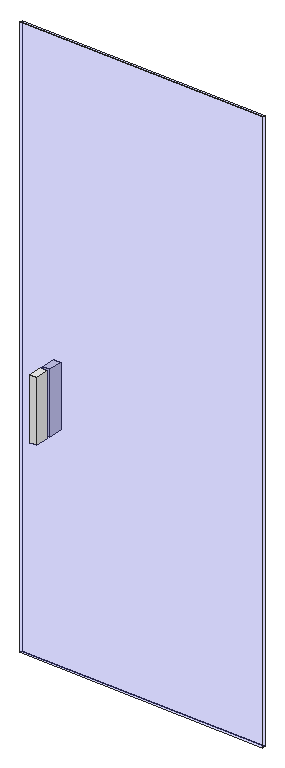
Revit family "6c7dff8cf70c41eda741937e3ef4e236", category Doors, Revit 2021
Family settings
  OmniClass Number = 23.30.10.00
  OmniClass Title = Doors
  Always vertical = Yes
  Cut with Voids When Loaded = No
  Shared = No
  Room Calculation Point = No
Parameters
  Width [instance] = 3' - 0"
  Visual Light Transmittance = 0
  Thermal Resistance (R) = 10.0000 (h·ft²·°F)/BTU
  Swing Angle [instance] = 90.00°
  Solar Heat Gain Coefficient = 0
  Define Thermal Properties by = 1
  Construction Type Id = ""
  Heat Transfer Coefficient (U) = 0.1000 BTU/(h·ft²·°F)
  Door Handle Material = Aluminum
  Glazing = Glass
  Function = Exterior
  Assembly Code = "B2030100"
  Offset = 0' - 2"
  Analytic Construction = "<None>"
Reference planes (in)
  plane 1 "Center (Front/Back)": y = 0
  plane 2: z = 0
  plane 3 "Center (Left/Right)": x = -0.00106
  plane 4 "Left": x = -18.00106
  plane 5 "Right": x = 17.99894
  plane 6 "Top": z = 84
  plane 7: y = 2
Forms (in)
  Extrusion 1, solid, material "Glass" <- "Glazing"
    sketch origin (-21.25, 0, 0) x (1, 0, 0) y (0, 1, 0)
      loop
        line (3.24894, 2) -> (3.24894, 1.5) -> (39.24894, 1.5) -> (39.24894, 2) -> (3.24894, 2)
    from 0 to 84
  Extrusion 2, solid, material "Aluminum" <- "Door Handle Material", detail levels fine
    sketch origin (-5.00106, 2, 84) x (0, 0, -1) y (-1, 0, 0)
      loop
        line (45, 9) -> (54, 9) -> (54, 10) -> (45, 10) -> (45, 9)
    from 0 to 2
  Extrusion 3, solid, material "Aluminum" <- "Door Handle Material", detail levels fine
    sketch origin (-18.00106, 1.5, 84) x (0, 0, -1) y (1, 0, 0)
      loop
        line (45, 3) -> (54, 3) -> (54, 4) -> (45, 4) -> (45, 3)
    from 0 to 2
Lines and regions (in)
  symbolic lines, style "Elevation Swing"
    curve 1: line (-18.00106, 1.5, 84) -> (17.99894, 1.5, 42)
    curve 2: line (-18.00106, 1.5, 0) -> (17.99894, 1.5, 42)
Text (in)
  text "Exterior" at (-39.55482, 40.74818, 0), in view "Ref. Level"
Dimensions and locks (in)
  equal spacing: plane 4 "Left", plane 3 "Center (Left/Right)", plane 5 "Right"
  "Offset": plane 1 "Center (Front/Back)" to plane 7
  plane 2 to plane 6 "Top" = 7' - 0"
  Extrusion 1 to Extrusion 3 = 0' - 3"
  equal spacing: plane 2, curve 2, plane 6 "Top"
  "Width": plane 4 "Left" to plane 5 "Right"
  aligned and locked: Extrusion 1 to plane 6 "Top"
  aligned and locked: Extrusion 1 sketch curve to plane 4 "Left"
  aligned and locked: Extrusion 1 to plane 2
  aligned and locked: plane 7 to nested 1
  aligned and locked: nested 1 to plane 5 "Right"  (x2)
  aligned and locked: Extrusion 1 to plane 7
  aligned and locked: nested 1 to plane 4 "Left"
Automatic sketch dimensions
  curve 1 to plane 4 "Left" = 0' - 0"
  curve 1 to plane 6 "Top" = 0' - 0"
  curve 2 to plane 5 "Right" = 0' - 0"
  curve 2 to level = 0' - 0"
  curve 2 to plane 4 "Left" = 0' - 0"
  Extrusion 3 sketch curve to plane 4 "Left" = 0' - 4"
  level to Extrusion 3 sketch curve = 3' - 3"
  Extrusion 3 sketch curve to plane 4 "Left" = 0' - 3"
  Extrusion 3 sketch curve to Extrusion 3 sketch curve = 0' - 9"
  Extrusion 1 sketch curve to plane 5 "Right" = 0' - 0"
  Extrusion 1 sketch curve to plane 7 = 0' - 0"
  Extrusion 1 sketch curve to Extrusion 1 sketch curve = 0' - 0 1/2"
  Extrusion 2 sketch curve to plane 4 "Left" = 0' - 3"
  level to Extrusion 2 sketch curve = 3' - 3"
  Extrusion 2 sketch curve to plane 4 "Left" = 0' - 4"
  Extrusion 2 sketch curve to Extrusion 2 sketch curve = 0' - 9"
Nested families (in)
  nested 1: "Curtain Wall Door Swing-Single" at (17.99894, 2, 0), Swing Angle <- "Swing Angle", type "Single"
    with Swing Visible yes, Swing Angle 90.00°, Actual Angle 90.00°
Definition of nested family "Curtain Wall Door Swing-Single"
  Parameters
    Width = 3' - 0"
    Thickness = 0' - 0"
    Swing Visible [instance] = Swing Angle > 1.00°  # yes
    Swing Angle [instance] = 45.00°
    Assembly Code = ""
    Analytic Construction = "<None>"
    Actual Angle [instance] = if(Swing Angle < 1.00°, 1.00°, Swing Angle)  # 45.00°
  Reference planes (in)
    plane 1 "Center (Front/Back)": y = 0
    plane 2: z = 0
    plane 3 "Center (Left/Right)": x = 0
    plane 4: x = -36
  Lines and regions (in)
    symbolic lines
      curve 1: line (0, 0, 0) -> (-36, 0, 0)
      curve 5: line (0, 0, 0) -> (-25.45584, 25.45584, 0)
    symbolic lines, visible <- "Swing Visible"
      curve 2: arc (-36, 0, 0) -> (-33.25966, 13.7766, 0) -> (-25.45584, 25.45584, 0) r 36
    reference lines
      curve 3: line (0, 0, 0) -> (-25.45584, 25.45584, 0)
    model lines
      curve 4: line (0, 0, 0) -> (0, 0, 1)
  Dimensions and locks (in)
    "Width": plane 4 to plane 3 "Center (Left/Right)"
    locked: curve 2 to plane 3 "Center (Left/Right)"
    locked: curve 2 to plane 1 "Center (Front/Back)"
    "Width": curve 3 to curve 3
    locked: curve 4 to plane 2 at 1
    "Width": radius of curve 2
    "Actual Angle": angle curve 2 to curve 2
    "Swing Angle": angle curve 3 to plane 1 "Center (Front/Back)"
    aligned and locked: plane 3 "Center (Left/Right)" to curve 1
    aligned and locked: plane 3 "Center (Left/Right)" to curve 3
    aligned and locked: plane 1 "Center (Front/Back)" to curve 3
    aligned and locked: plane 3 "Center (Left/Right)" to curve 4
    aligned and locked: plane 2 to curve 4
    aligned and locked: curve 5 to curve 3
